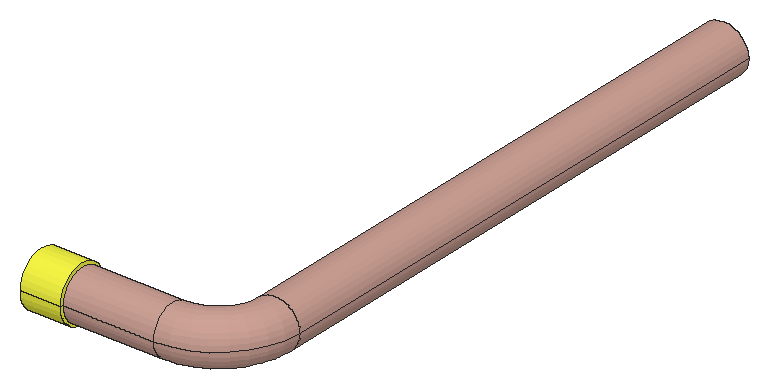
Revit family "Weser_L-образная трубка для подключения радиатора", category Соединительные детали трубопроводов, Revit 2020
Family settings
  Размер круглого соединителя = Использовать диаметр
  Тип детали = Соединение
  На основе рабочей плоскости = Нет
  Всегда вертикально = Да
  При загрузке вырезать с полостями = Нет
  Общий = Нет
Parameters (values of type "20 x 15-250")
  Default Elevation = 0 mm
  Description = ""
  Assembly Code = ""
  Manufacturer = ""
  WSR_D2 [instance] = 15 mm
  WSR_D1 [instance] = 20 mm
  URL = "https://www.weser.ru/about/documentation/"
  L3 [instance] = 66.5 mm
  L2 [instance] = 277.5 mm
  L1 [instance] = 66.5 mm
  Dn [instance] = 22 mm
  ADSK_Наименование краткое [instance] = "L-образная трубка для подключения радиатора"
  ADSK_Наименование [instance] = "L-образная трубка для подключения радиатора (L=250 мм), хромированная латунь"
  ADSK_Материал = Медь
  ADSK_Масса [instance] = 0
  ADSK_Марка = "WESERpex"  # constant formula
  ADSK_Код изделия [instance] = "520115"
  ADSK_Завод-изготовитель = "Weser"  # constant formula
  ADSK_Единица измерения = "шт."  # constant formula
  ADSK_Группирование [instance] = ""
  ADSK_URL страницы изделия [instance] = ""
  ADSK_URL документации изделия [instance] = ""
Types (3, lengths in mm): name | WSR_D1 | L2 | Dn | ADSK_Наименование | ADSK_Код изделия
  16 x 15-250 | 16 | 277.5 | 17 | "L-образная трубка для подключения радиатора L=250, хромированная латунь" | "520114\t\t\t\t\t\r\n520114"
  20 x 15-250 | 20 | 277.5 | 22 | "L-образная трубка для подключения радиатора (L=250 мм), хромированная латунь" | "520115"
  16 x 15-770 | 16 | 797.5 | 17 | "L-образная трубка для подключения радиатора (L=770 мм), хромированная латунь" | "520116"
Reference planes
  plane 1 "По центру (Вперед/Назад)": y = 0
  plane 2: z = 0
  plane 3 "По центру (Влево/Вправо)": x = 0
  plane 4: x = -66.5
  plane 5: x = -66.5
  plane 6: y = 277.5
Forms (mm)
  Extrusion 1, solid, material "Медь" <- "ADSK_Материал", detail levels fine
    sketch origin (0, 0, 0) x (0, 1, 0) y (0, 0, 1)
      loop
        circle (0, 0) r 10
    from -73 to -66.5
  Sweep 2, solid, material "Медь" <- "ADSK_Материал", detail levels fine
    path origin (-59.822, 0, 0) x (1, 0, 0) y (0, 1, 0)
      loop
        line (-6.678, 0) -> (34.322, 0)
        arc (34.322, 0) -> (52.353, 7.469) -> (59.822, 25.5) r 25.5
        line (59.822, 25.5) -> (59.822, 277.5)
    profile origin (-46, 0, 0) x (0, 1, 0) y (0, 0, 1)
      loop
        circle (0, 0) r 11
Lines and regions (mm)
  model lines, detail levels coarse+medium
    curve 1: line (-66.5, 0, 0) -> (-25, 0, 0)
    curve 2: line (0, 25, 0) -> (0, 277.5, 0)
    curve 3: arc (-25, 0, 0) -> (-7.322, 7.322, 0) -> (0, 25, 0) r 25
Dimensions and locks
  "L1": plane 4 to plane 3 "По центру (Влево/Вправо)"
  "L2": plane 6 to plane 1 "По центру (Вперед/Назад)"
  "L3": plane 5 to plane 3 "По центру (Влево/Вправо)"
  "WSR_D1": diameter of Extrusion 1 sketch curve
  "Dn": diameter of Sweep 2 sketch curve
  radius of Sweep 2 sketch curve = 25.5 mm
  radius of curve 3 = 25 mm
  aligned and locked: level to plane 2
  aligned and locked: Extrusion 1 to plane 4
  aligned and locked: plane 1 "По центру (Вперед/Назад)" to curve 1
  aligned and locked: plane 5 to Sweep 2 sketch curve
  aligned and locked: plane 1 "По центру (Вперед/Назад)" to Sweep 2 sketch curve  (x2)
  aligned and locked: plane 3 "По центру (Влево/Вправо)" to Sweep 2 sketch curve
  aligned and locked: plane 6 to Sweep 2 sketch curve
  aligned and locked: plane 1 "По центру (Вперед/Назад)" to nested 1
  aligned and locked: plane 5 to nested 1
  aligned and locked: plane 6 to curve 2
Automatic sketch dimensions
  curve 1 to plane 4 = 0 mm
  curve 2 to plane 3 "По центру (Влево/Вправо)" = 0 mm
  Extrusion 1 sketch curve to level = 0 mm
  Extrusion 1 sketch curve to plane 1 "По центру (Вперед/Назад)" = 0 mm
  Sweep 2 sketch curve to level = 0 mm
  Sweep 2 sketch curve to profile plane = 0 mm
Nested families
  nested 1: "Фитинг_Weser_Гильза монтажная, латунь" at (-84.5, 0, 0), ADSK_Диаметр условный <- "WSR_D1", type "Желтая"
    with Радиус Наружный 12.25 mm, Радиус Внутренний 10.3 mm, ADSK_Наименование "Гильза монтажная DN20", Длина 18 mm, Видимость yes, ADSK_Примечание "", ADSK_Масса_Текст "", ADSK_Код изделия "520030", ADSK_Диаметр условный 20 mm, ADSK_Группирование "", ADSK_URL страницы изделия "", ADSK_URL документации изделия ""
Connectors
  piping at (-66.5, 0, 0), diameter 20, driven by "WSR_D1"
    settings: on Sweep 2, index 1, connector inside diameter 609.6 mm, connector length 0 mm, flow factor 0, pipe flow 0.0 L/s, pressure drop 0.0 Pa, fitting loss kfactor 0, connector angle 0.00°, fixture units 0, engagement length 0 mm, angle of deflection 0.00°, flow configuration 0, flow direction 0, fitting loss method 0, system type 29, joint type 0, gender type 0, connector reference index 2, connector utility 0, adjustable connector no, is connector primary yes, connector description ""
  piping at (0, 277.5, 0), diameter 15, driven by "WSR_D2"
    settings: on Sweep 2, index 2, connector inside diameter 609.6 mm, connector length 0 mm, flow factor 0, pipe flow 0.0 L/s, pressure drop 0.0 Pa, fitting loss kfactor 0, connector angle 90.00°, fixture units 0, engagement length 0 mm, angle of deflection 0.00°, flow configuration 0, flow direction 0, fitting loss method 0, system type 28, joint type 0, gender type 0, connector reference index 1, connector utility 0, adjustable connector no, is connector primary no, connector description ""
Definition of nested family "Фитинг_Weser_Гильза монтажная, латунь"
  Parameters (values of type "Желтая")
    Радиус Внутренний [instance] = size_lookup(Поиск в таблице имен, "Rv", ADSK_Диаметр условный / 1.9, ADSK_Диаметр условный)  # 16.4 mm
    Поиск в таблице имен 2 = "Фитинг_Weser_Гильза_монтажная_латунь(Код)"
    Default Elevation = 0 mm
    Материал = none
    Видимость [instance] = yes
    URL = ""
    Type Image = (empty or 0)
    Manufacturer = ""
    Поиск в таблице имен = "Фитинг_Weser_Гильза_монтажная_латунь(Наименование)"
    Длина [instance] = size_lookup(Поиск в таблице имен, "Length", ADSK_Диаметр условный, ADSK_Диаметр условный)  # 34 mm
    Радиус Наружный [instance] = size_lookup(Поиск в таблице имен, "Rn", ADSK_Диаметр условный / 1.5, ADSK_Диаметр условный)  # 19.5 mm
    Description = ""
    ADSK_Примечание [instance] = ""
    ADSK_Наименование краткое = ""
    ADSK_Наименование [instance] = size_lookup(Поиск в таблице имен, "", "Решение не найдено", ADSK_Диаметр условный)  # "Гильза монтажная DN32"
    ADSK_Масса_Текст [instance] = ""
    ADSK_Марка = ""
    ADSK_Код изделия [instance] = size_lookup(Поиск в таблице имен 2, "", "Решение не найдено", ADSK_Диаметр условный)  # "520032"
    ADSK_Завод-изготовитель = ""
    ADSK_Единица измерения = "шт."  # constant formula
    ADSK_Диаметр условный [instance] = 32 mm
    ADSK_Группирование [instance] = ""
    ADSK_URL страницы изделия [instance] = ""
    ADSK_URL документации изделия [instance] = ""
  Reference planes
    plane 1 "Center (Front/Back)": y = 0
    plane 2: z = 0
    plane 3 "Center (Left/Right)": x = 0
    plane 4: x = 34
    plane 5: y = 19.5
    plane 6: y = 50
    plane 7: y = 16.4
    plane 8: x = 5
  Forms (mm)
    Revolve 1, solid, material <- "Материал", visible <- "Видимость", detail levels fine
      sketch origin (0, 0, 0) x (1, 0, 0) y (0, 1, 0)
        loop
          line (0, 16.4) -> (34, 16.4) -> (34, 19.5) -> (0, 19.5) -> (0, 16.4)
        axis (34, 0) -> (0, 0)
      angle from 0 to 360
  Lines and regions (mm)
    reference lines
      curve 1: line (0, 0, 0) -> (34, 0, 0)
  Dimensions and locks
    "Длина": plane 3 "Center (Left/Right)" to plane 4
    "Радиус Наружный": plane 5 to plane 1 "Center (Front/Back)"
    locked: plane 6 to plane 1 "Center (Front/Back)" at 50
    "Радиус Внутренний": plane 7 to plane 1 "Center (Front/Back)"
    locked: plane 3 "Center (Left/Right)" to plane 8 at 5
    aligned and locked: level to plane 2
    aligned and locked: plane 4 to curve 1
    aligned and locked: plane 3 "Center (Left/Right)" to curve 1
    aligned and locked: plane 1 "Center (Front/Back)" to curve 1
    aligned and locked: plane 4 to Revolve 1 sketch curve
    aligned and locked: Revolve 1 sketch curve to plane 5
    aligned and locked: plane 3 "Center (Left/Right)" to Revolve 1 sketch curve
    aligned and locked: Revolve 1 sketch curve to plane 7
  Automatic sketch dimensions
    plane 1 "Center (Front/Back)" to Revolve 1 sketch curve = 0 mm
    Revolve 1 sketch curve to plane 3 "Center (Left/Right)" = 78.702 mm
    plane 4 to Revolve 1 sketch curve = 90.298 mm
